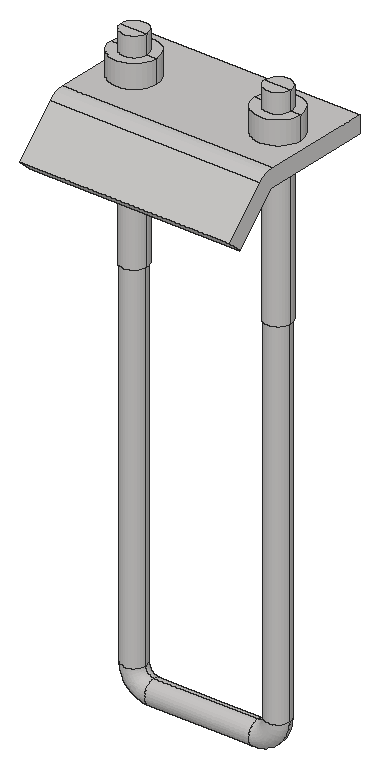
Revit family "Beam-Clamp-Atkore-P2787", category Specialty Equipment, Revit 2012
Parameters (values of type "P2787")
  ecoScorecard_data = ""
  ecoScorecard Product Page = ""
  Unit = Metal - Aluminum - Atkore - Electro - Galvanized
  URL = "http://unistrut.us/index.php"
  Thickness Gauge = 38.10 mm
  Subcategory = "Beam Clamp"  # constant formula
  Product Page URL = ""
  Part Type = "Clamp"  # constant formula
  Part Number = "P2787"
  Overall Width = 76.20 mm
  Overall Height = 90.176 mm
  Overall Depth = 59.123 mm
  Model = "P2787"  # constant formula
  Material = "Multiple Options - See Catalog"
  Manufacturer Toll Free Phone = "800-882-5543"  # constant formula
  Manufacturer Phone = "708-339-1610"  # constant formula
  Manufacturer Fax = "708-339-7814"  # constant formula
  Manufacturer Email = "mailto:questions@atkore.com"
  Manufacturer Address = "16100 South Lathrop Avenue, Harvey, IL 60426"  # constant formula
  Manufacturer = "Unistrut by Atkore International"  # constant formula
  Load Capacity Note = "Visit the product page for load application and capacity."  # constant formula
  Literature URL = ""
  Description = "Beam Clamp"  # constant formula
  Cost Info = "mailto:questions@atkore.com"
  Construction Note = ""
  CSI MasterSpec = ""
  CAD URL = ""
  Assembly Code = "D5090300"
  95 CSI = "16070"  # constant formula
  04 CSI = "26 05 48"  # constant formula
Reference planes
  plane 1 "Center (Front/Back)": y = 0
  plane 2: z = 0
  plane 3 "Center (Left/Right)": x = 0
  plane 4: y = 29.561
  plane 5: y = -29.561
  plane 6: z = 90.176
  plane 7: x = -38.1
  plane 8: x = 38.1
Dimensions and locks
  equal spacing: plane 4, plane 1 "Center (Front/Back)", plane 5
  "Overall Height": plane 6 to level
  "Overall Depth": plane 4 to plane 5
  equal spacing: plane 7, plane 3 "Center (Left/Right)", plane 8
  "Overall Width": plane 7 to plane 8
  aligned and locked: level to plane 2
  aligned and locked: plane 1 "Center (Front/Back)" to nested 1
  aligned and locked: plane 3 "Center (Left/Right)" to nested 1
Nested families
  nested 1: "P2787" at (0, 0, 0.01), type "P2787"
Definition of nested family "P2787"
  Parameters (values of type "P2787")
    Unit = Metal - Aluminum - Atkore - Electro - Galvanized
    Thickness Gauge = 38.10 mm
  Reference planes
    plane 1 "Center (Front/Back)": y = 0
    plane 2: z = 0
    plane 3 "Center (Left/Right)": x = 0
  Forms (mm)
    Sweep 1, solid, material "Metal - Aluminum - Atkore - Electro - Galvanized" <- "Unit"
      path origin (0, 7.344, 0.653) x (1, 0, 0) y (0, 0, 1)
        loop
          line (-26.194, 145.858) -> (-26.194, 10.858)
          arc (-26.194, 10.858) -> (-24.06, 5.708) -> (-18.91, 3.575) r 7.284
          line (-18.91, 3.575) -> (18.894, 3.575)
          arc (18.894, 3.575) -> (24.056, 5.713) -> (26.194, 10.875) r 7.3
          line (26.194, 10.875) -> (26.194, 145.858)
      profile origin (-26.194, 7.344, 79.011) x (0, -1, 0) y (1, 0, 0)
        loop
          circle (0, 0) r 4.226
    Extrusion 2, solid, material "Metal - Aluminum - Atkore - Electro - Galvanized" <- "Unit"
      sketch origin (0, 14.68, 123.825) x (0, 1, 0) y (0, 0, 1)
        loop
          line (14.881, 78.867) -> (-24.736, 78.867)
          arc (-24.736, 78.867) -> (-27.838, 78.25) -> (-30.469, 76.492) r 8.108
          line (-30.469, 76.492) -> (-44.241, 62.72) -> (-39.751, 58.229) -> (-25.927, 72.053)
          arc (-25.927, 72.053) -> (-25.414, 72.397) -> (-24.808, 72.517) r 1.583
          line (-24.808, 72.517) -> (14.881, 72.517) -> (14.881, 78.867)
      from -38.1 to 38.1
    Revolve 3, solid, material "Metal - Aluminum - Atkore - Electro - Galvanized" <- "Unit"
      sketch origin (0, 7.344, 82.55) x (1, 0, 0) y (0, 0, 1)
        loop
          line (-26.194, 59.182) -> (-26.194, 135.382) -> (-30.88, 135.382) -> (-30.88, 128.476) -> (-34.443, 128.476) -> (-34.443, 120.142) -> (-30.88, 120.142) -> (-30.88, 59.182) -> (-26.194, 59.182)
        axis (-26.194, 135.382) -> (-26.194, 59.182)
      angle from 0 to 360
    Revolve 4, solid, material "Metal - Aluminum - Atkore - Electro - Galvanized" <- "Unit"
      sketch origin (0, 7.344, 82.55) x (-1, 0, 0) y (0, 0, 1)
        loop
          line (-26.194, 59.182) -> (-26.194, 135.382) -> (-30.88, 135.382) -> (-30.88, 128.476) -> (-34.443, 128.476) -> (-34.443, 120.142) -> (-30.88, 120.142) -> (-30.88, 59.182) -> (-26.194, 59.182)
        axis (-26.194, 135.382) -> (-26.194, 59.182)
      angle from 0 to 360
  Cuts and joins
    joined: Sweep 1, Extrusion 2, Revolve 3, Revolve 4
  Dimensions and locks
    aligned and locked: plane 2 to level
